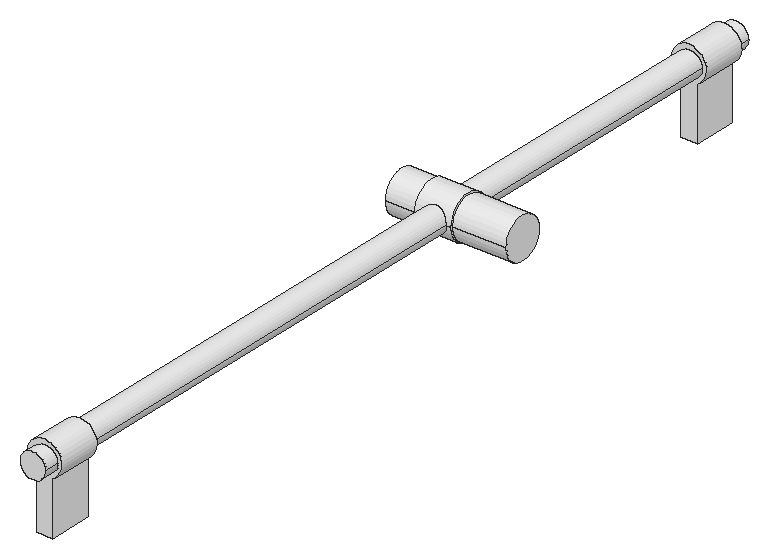
Revit family "Shower_Slide_Bar-GROHE-Tempesta-26924_Series", category Plumbing Fixtures, host Face, Revit 2019
Family settings
  Host = Face
  Round Connector Dimension = Use Diameter
  Part Type = Normal
  OmniClass Number = 23.45.05.14.17
  OmniClass Title = Showers
  Cut with Voids When Loaded = No
  Shared = Yes
  Room Calculation Point = No
Parameters (values of type "26924001")
  Width = 2 3/8"  # constant formula
  Waste Connection = no
  WFU = 4  # constant formula
  Vent Connection = no
  URL = "https://www.grohe.com"
  Type Comments = "Adjustable hand shower holder glider"
  Tempered Connection Diameter = 1/2"
  Model = "26924001"
  Material = "Metal-Grohe-001-StarLight Chrome"
  Manufacturer = "Grohe"
  Installation Type = "Wall Mounted"
  Holder Height from Base Constraint = Holder Height from Base - 2"  # 16"
  Holder Height from Base = 18"
  Height = Adjustable Height Constraint  # 30 5/16"
  HWFU = 3  # constant formula
  HW Connection = no
  Finish = Metal-Grohe-001-StarLight Chrome
  Description = "35” (900MM) SHOWER SLIDE BAR"  # constant formula
  Default Elevation = 0"
  Creation Date = "02/20/2024"  # constant formula
  Compliance Certifications = "• WaterSense• CEC Certified• CALGreen Compliant• Massachusetts Plumbing Board Approved• Energy Policy Act of 1992• CSA B125.1• ASME A112.18.1"
  CalGreen Compliant = yes
  CWFU = 3  # constant formula
  CW Connection = no
  CEC Compliant = yes
  Assembly Code = "D2010710"
  Adjustable Height Constraint /2 = Adjustable Height Constraint / 2  # 15 5/32"
  Adjustable Height Constraint = if(Adjustable Height < 30 5/16", 30 5/16", if(Adjustable Height > 36 1/4", 36 1/4", Adjustable Height))  # 30 5/16"
  Adjustable Height = 30 5/16"
Types (6): name | Model | Material | Finish
  (no name) | "26924001" | "Metal-Grohe-001-StarLight Chrome" | Metal-Grohe-001-StarLight Chrome
  26924001 | "26924001" | "Metal-Grohe-001-StarLight Chrome" | Metal-Grohe-001-StarLight Chrome
  269242431 | "269242431" | "Metal-Grohe-2431-Matte Black" | Metal-Grohe-2431-Matte Black
  26924EN1 | "26924EN1" | "Metal-Grohe-EN1-Brushed Nickel Infinity Finish" | Metal-Grohe-EN1-Brushed Nickel Infinity Finish
  26924A01 | "26924A01" | "Metal-Grohe-A01-Hard Graphite" | Metal-Grohe-A01-Hard Graphite
  26924GN1 | "26924GN1" | "Metal-Grohe-GN1-Brushed Cool Sunrise" | Metal-Grohe-GN1-Brushed Cool Sunrise
Reference planes (in)
  plane 1 "Center (Front/Back)": y = 0
  plane 2: z = 0
  plane 3 "Center (Left/Right)": x = 0
  plane 4: x = -1.4375
  plane 5: x = 1.4375
  plane 6: z = 2.375
  plane 7: y = 15.15625
  plane 8: y = -15.15625
  plane 9: y = 14.65625
  plane 10: y = 13.15625
  plane 11: y = -14.65625
  plane 12: y = -13.15625
  plane 13: y = 2.84375
Forms (in)
  Extrusion 1, solid, material "Metal-Grohe-001-StarLight Chrome" <- "Finish"
    sketch origin (0, 0, 0) x (1, 0, 0) y (0, 0, 1)
      loop
        circle (0, 2.375) r 0.43977
    from -15.15625 to 15.15625
  Extrusion 2, solid, material "Metal-Grohe-001-StarLight Chrome" <- "Finish"
    sketch origin (0, 0, 0) x (1, 0, 0) y (0, 0, 1)
      loop
        arc (0.28396, 1.84664) -> (0, 2.97483) -> (-0.28396, 1.84664) r 0.59983
        line (-0.28396, 1.84664) -> (-0.28396, 0) -> (0.28396, 0) -> (0.28396, 1.84664)
    from 13.15625 to 14.65625
  Extrusion 3, solid, material "Metal-Grohe-001-StarLight Chrome" <- "Finish"
    sketch origin (0, 0, 0) x (1, 0, 0) y (0, 0, 1)
      loop
        arc (0.28396, 1.84664) -> (0, 2.97483) -> (-0.28396, 1.84664) r 0.59983
        line (-0.28396, 1.84664) -> (-0.28396, 0) -> (0.28396, 0) -> (0.28396, 1.84664)
    from -14.65625 to -13.15625
Lines and regions (in)
  Masking region 1
    outline origin (0, 0, 0) x (1, 0, 0) y (0, 0, 1)
      loop
        line (2.49409, 1.67303) -> (2.49409, 3.09036) -> (0.62992, 3.09036) -> (0.62992, 3.13169) -> (-0.62992, 3.13169) -> (-0.62992, 3.09036) -> (-1.66732, 3.09036) -> (-1.66732, 1.67303) -> (-0.62992, 1.67303) -> (-0.62992, 1.63169) -> (-0.28396, 1.63169) -> (-0.28396, 0) -> (0.28396, 0) -> (0.28396, 1.63169) -> (0.62992, 1.63169) -> (0.62992, 1.67303) -> (2.49409, 1.67303)
  symbolic lines, detail levels medium+fine
    curve 1: line (0.62992, 0, 1.63169) -> (0.62992, 0, 3.13169)
    curve 2: line (-0.62992, 0, 3.13169) -> (-0.62992, 0, 1.63169)
    curve 5: arc (0.28396, 0, 1.84664) -> (0, 0, 2.97483) -> (-0.28396, 0, 1.84664) r 0.59983
    curve 6: line (0.28396, 0, 0) -> (0.28396, 0, 1.84664)
    curve 7: line (-0.28396, 0, 1.84664) -> (-0.28396, 0, 0)
  symbolic lines, detail levels fine
    curve 3: circle (-1.09158, 0, 2.375) r 0.25 normal (0, -1, 0)
    curve 4: circle (0, 0, 2.375) r 0.43977 normal (0, -1, 0)
Dimensions and locks (in)
  equal spacing: plane 4, plane 3 "Center (Left/Right)", plane 5
  locked: plane 4 to plane 5 at 2.875
  plane 6 to host face = 2 3/8"
  Extrusion 2 sketch curve to plane 3 "Center (Left/Right)" to Extrusion 2 sketch curve = 0.28396" locked, 0.28396" locked
  equal spacing: plane 8, plane 1 "Center (Front/Back)", plane 7
  "Adjustable Height Constraint /2": plane 1 "Center (Front/Back)" to plane 7
  locked: plane 7 to plane 9 at 0.5
  locked: plane 9 to plane 10 at 1.5
  locked: plane 11 to plane 12 at 1.5
  locked: plane 8 to plane 11 at 0.5
  "Holder Height from Base Constraint": plane 12 to plane 13
  aligned and locked: plane 2 to host face
  aligned and locked: level to host face
  aligned and locked: Extrusion 2 sketch curve to host face
  aligned and locked: plane 6 to Extrusion 2 sketch curve
  aligned and locked: plane 3 "Center (Left/Right)" to Extrusion 2 sketch curve
  aligned and locked: Extrusion 3 sketch curve to Extrusion 2  (x4)
  aligned and locked: curve 5 to Extrusion 3
  aligned and locked: curve 6 to Extrusion 3
  aligned and locked: curve 7 to Extrusion 3
  aligned and locked: plane 11 to Extrusion 2
  aligned and locked: Extrusion 2 to plane 12
  aligned and locked: plane 9 to Extrusion 3
  aligned and locked: Extrusion 3 to plane 10
  aligned and locked: nested 1 to plane 13
  aligned and locked: plane 3 "Center (Left/Right)" to nested 1
  aligned and locked: plane 8 to Extrusion 1
  aligned and locked: plane 7 to Extrusion 1
Automatic sketch dimensions
  host sketch curve to host sketch curve = 96"  (x2)
  Extrusion 1 sketch curve to plane 3 "Center (Left/Right)" = 0"
  Extrusion 1 sketch curve to plane 6 = 0"
  plane 6 to Extrusion 2 sketch curve = 0.52836"
  Masking region 1 sketch curve to level = 0"
  Masking region 1 sketch curve to plane 4 = 0.22982"
  Masking region 1 sketch curve to plane 3 "Center (Left/Right)" = 0.62992"  (x2)
  Masking region 1 sketch curve to plane 3 "Center (Left/Right)" = 0.28396"
  plane 3 "Center (Left/Right)" to Masking region 1 sketch curve = 0.28396"
  plane 3 "Center (Left/Right)" to Masking region 1 sketch curve = 0.62992"
  Masking region 1 sketch curve to Masking region 1 sketch curve = 0.34596"
  Masking region 1 sketch curve to plane 5 = 1.05659"
  plane 6 to Masking region 1 sketch curve = 0.74331"
  Masking region 1 sketch curve to Masking region 1 sketch curve = 0"
  plane 6 to Masking region 1 sketch curve = 0.70197"  (x2)
  Masking region 1 sketch curve to plane 6 = 0.71536"  (x2)
  Masking region 1 sketch curve to Masking region 1 sketch curve = 0.04134"
  curve 6 to level = 0"
  curve 7 to level = 0"
  curve 1 to curve 6 = 0.21495"
  curve 2 to curve 7 = 0.21495"
  curve 2 to plane 6 = 0.75669"
  curve 1 to plane 6 = 0.75669"
  curve 3 to plane 6 = 0"
  plane 4 to curve 3 = 0.34592"
  curve 4 to curve 5 = 0"  (x2)
  curve 2 to plane 3 "Center (Left/Right)" = 0.62992"
  curve 6 to curve 1 = 0.34596"
  radius of Extrusion 1 sketch curve = 0.43977"
  radius of curve 3 = 1/4"
  radius of curve 4 = 0.43977"
Nested families (in)
  nested 1: "holder" at (0, 2.84375, 0), Finish <- "Finish", type "26636"
    with Finish Metal-Grohe-001-StarLight Chrome
Definition of nested family "holder"
  Parameters (values of type "26922001")
    Width = 2 3/8"  # constant formula
    Waste Connection = no
    WFU = 4  # constant formula
    Vent Connection = no
    URL = "https://www.grohe.com"
    Type Comments = "Adjustable hand shower holder glider"
    Tempered Connection Diameter = 1/2"
    Model = "26922001"
    Material = "Metal-Grohe-001-StarLight Chrome"
    Manufacturer = "Grohe"
    Installation Type = "Wall Mounted"
    Height = Adjustable Height Constraint  # 18 1/2"
    HWFU = 3  # constant formula
    HW Connection = yes
    Flow Rate = "2.0 gpm (7.6 L/min.)"
    Finish [instance] = none
    Description = "24” (600MM) SHOWER SLIDE BAR"  # constant formula
    Default Elevation = 0"
    Creation Date = "02/20/2024"  # constant formula
    Compliance Certifications = "• WaterSense• CEC Certified• CALGreen Compliant• Massachusetts Plumbing Board Approved• Energy Policy Act of 1992• CSA B125.1• ASME A112.18.1"
    CalGreen Compliant = yes
    CWFU = 3  # constant formula
    CW Connection = yes
    CEC Compliant = yes
    Assembly Code = "D2010710"
    Adjustable Height Constraint = if(Adjustable Height < 18 1/2", 18 1/2", if(Adjustable Height > 24 7/16", 24 7/16", Adjustable Height))  # 18 1/2"
    Adjustable Height = 18 1/2"
  Reference planes (in)
    plane 1 "Center (Front/Back)": y = 0
    plane 2: z = 0
    plane 3 "Center (Left/Right)": x = 0
    plane 4: x = -1.4375
    plane 5: x = 1.4375
    plane 6: z = 2.375
  Forms (in)
    Extrusion 1, solid
      sketch origin (0, 0, 0) x (1, 0, 0) y (0, 1, 0)
        loop
          line (-48, 48) -> (-48, -48) -> (48, -48) -> (48, 48) -> (-48, 48)
      from 0 to -12
    Extrusion 2, solid, material <- "Finish"
      sketch origin (0, 0.20874, 0) x (0, 1, 0) y (0, 0, 1)
        loop
          circle (-0.20874, 2.38169) r 0.70866
      from -1.66732 to 2.49409
    Extrusion 3, solid, material <- "Finish"
      sketch origin (-0.29687, 0.12145, 0) x (1, 0, 0) y (0, 0, 1)
        loop
          circle (-0.7947, 2.375) r 0.25
      from -0.69353 to 0.30713
    Extrusion 4, solid, material <- "Finish"
      sketch origin (0, 0.20874, 0) x (0, 1, 0) y (0, 0, 1)
        loop
          circle (-0.20874, 2.38169) r 0.75
      from -0.62992 to 0.62992
  Cuts and joins
    joined: Extrusion 2, Extrusion 3, Extrusion 4
  Dimensions and locks (in)
    equal spacing: plane 4, plane 3 "Center (Left/Right)", plane 5
    locked: plane 4 to plane 5 at 2.875
    plane 6 to Extrusion 1 = 2 3/8"
    aligned and locked: plane 2 to Extrusion 1
    aligned and locked: level to Extrusion 1
  Automatic sketch dimensions
    Extrusion 1 sketch curve to Extrusion 1 sketch curve = 96"  (x2)
    Extrusion 2 sketch curve to plane 6 = 0.00669"
    Extrusion 2 sketch curve to plane 1 "Center (Front/Back)" = 0"
    Extrusion 3 sketch curve to plane 6 = 0"
    plane 4 to Extrusion 3 sketch curve = 0.34592"
    Extrusion 4 sketch curve to plane 6 = 0.00669"
    Extrusion 4 sketch curve to plane 1 "Center (Front/Back)" = 0"
    radius of Extrusion 2 sketch curve = 0.70866"
    radius of Extrusion 3 sketch curve = 1/4"
    radius of Extrusion 4 sketch curve = 3/4"
